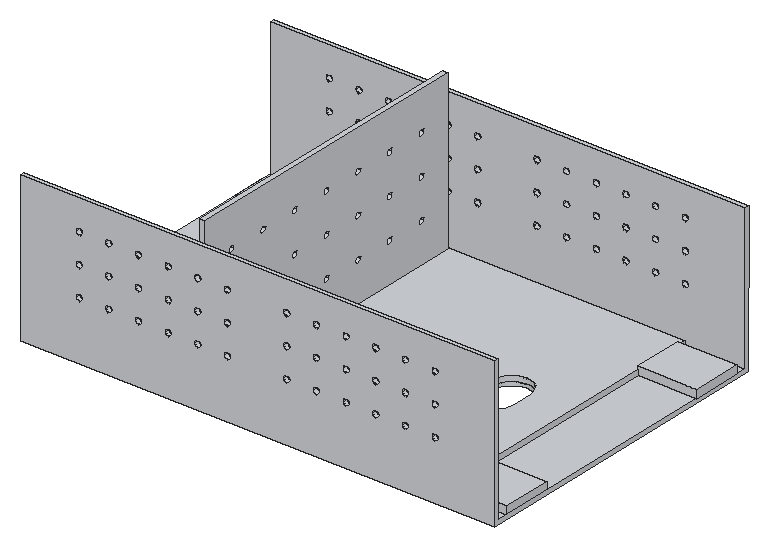
Revit family "SWS LT Double AnchorL(Recovery)", category Structural Connections, Revit 2026
Family settings
  Material for Model Behavior = Other
  Work Plane-Based = No
  Enable Cutting in Views = No
  Always vertical = No
  Cut with Voids When Loaded = No
  Shared = No
Parameters (values of type "SWS 800 LT (Double Anchor)")
  Version = "2.0"
  URL = "http://www.steelnetwork.com/product.aspx/StiffWall"
  Manufacturer = "The Steel Network, Inc."
  Is_800 = yes
  Is_600 = no
  Is_550 = no
  Is_400 = no
  Is_362 = no
  Is_350 = no
Types (7): name | Is_800 | Is_600 | Is_550 | Is_400 | Is_362 | Is_350
  (no name) | yes | no | no | no | no | no
  SWS 350 LT (Double Anchor) | no | no | no | no | no | yes
  SWS 362 LT (Double Anchor) | no | no | no | no | yes | no
  SWS 400 LT (Double Anchor) | no | no | no | yes | no | no
  SWS 550 LT (Double Anchor) | no | no | yes | no | no | no
  SWS 600 LT (Double Anchor) | no | yes | no | no | no | no
  SWS 800 LT (Double Anchor) | yes | no | no | no | no | no
Reference planes (in)
  plane 1 "Center (Front/Back)": y = 0
  plane 2: z = 0
  plane 3 "Center (Left/Right)": x = 0
Nested families (in)
  nested 1: "SWS 362 LT" at (3.00005, 0, 0.2257), visible <- "Is_362", type "SWS 362 LT"
  nested 2: "SWS 400 LT" at (3.00005, 0, 0.2257), visible <- "Is_400", type "SWS 400 LT"
  nested 3: "SWS 550 LT" at (3.00005, 0, 0.2257), visible <- "Is_550", type "SWS 550 LT"
  nested 4: "SWS 600 LT" at (3.00005, 0, 0.2257), visible <- "Is_600", type "SWS 600 LT"
  nested 5: "SWS 800 LT" at (3.00005, 0, 0.2257), visible <- "Is_800", type "SWS 800 LT"
  nested 6: "SWS 350 LT" at (3.00005, 0, 0.2257), visible <- "Is_350", type "SWS 350 LT"
Definition of nested family "SWS 362 LT"
  Parameters
    Default Elevation = 48.0000"
  Reference planes (in)
    plane 1 "Center (Front/Back)": y = 0
    plane 2: z = 0
    plane 3 "Center (Left/Right)": x = 0
    plane 4: y = 1.4536
    plane 5: y = 0.1893
    plane 6: y = -1.4536
  Forms (in)
    Extrusion 1, solid
      sketch origin (-3.00005, 0, 0) x (1, 0, 0) y (0, 0, 1)
        loop
          line (0, 4) -> (-0.124, 4) -> (-0.124, 0.11777) -> (-3, 0.11777) -> (-3, 0) -> (0, 0) -> (0, 4)
      from -1.6475 to 1.6475
    Extrusion 2, solid
      sketch origin (0, 0, 0) x (1, 0, 0) y (0, 0, 1)
        loop
          line (2.96875, 0) -> (-6.03125, 0) -> (-6.03125, -0.124) -> (2.96875, -0.124) -> (2.96875, 0)
      from -1.6845 to 1.6845
    Extrusion 3, solid
      sketch origin (0, 0, 0) x (0, 1, 0) y (0, 0, 1)
        loop
          line (1.8177, 3.5243) -> (1.716, 3.5243) -> (1.716, -0.124) -> (-1.716, -0.124) -> (-1.716, 3.5243) -> (-1.8177, 3.5243) -> (-1.8177, -0.2257) -> (1.8177, -0.2257) -> (1.8177, 3.5243)
      from -7.53125 to 4.46875
    Extrusion 4, void
      sketch origin (0, 0, 0) x (1, 0, 0) y (0, 0, 1)
        loop
          circle (-6.03125, 2.7743) r 0.082
        loop
          circle (-6.03125, 2.0243) r 0.082
        loop
          circle (-6.03125, 1.2743) r 0.082
        loop
          circle (-5.28125, 2.7743) r 0.082
        loop
          circle (-5.28125, 2.0243) r 0.082
        loop
          circle (-5.28125, 1.2743) r 0.082
        loop
          circle (-4.53125, 2.7743) r 0.082
        loop
          circle (-4.53125, 2.0243) r 0.082
        loop
          circle (-4.53125, 1.2743) r 0.082
        loop
          circle (-3.78125, 2.7743) r 0.082
        loop
          circle (-3.78125, 2.0243) r 0.082
        loop
          circle (-3.78125, 1.2743) r 0.082
        loop
          circle (-3.03125, 2.7743) r 0.082
        loop
          circle (-3.03125, 2.0243) r 0.082
        loop
          circle (-3.03125, 1.2743) r 0.082
        loop
          circle (-2.28125, 2.7743) r 0.082
        loop
          circle (-2.28125, 2.0243) r 0.082
        loop
          circle (-2.28125, 1.2743) r 0.082
        loop
          circle (-0.78125, 2.7743) r 0.082
        loop
          circle (-0.78125, 2.0243) r 0.082
        loop
          circle (-0.78125, 1.2743) r 0.082
        loop
          circle (-0.03125, 2.7743) r 0.082
        loop
          circle (-0.03125, 2.0243) r 0.082
        loop
          circle (-0.03125, 1.2743) r 0.082
        loop
          circle (0.71875, 2.7743) r 0.082
        loop
          circle (0.71875, 2.0243) r 0.082
        loop
          circle (0.71875, 1.2743) r 0.082
        loop
          circle (1.46875, 2.7743) r 0.082
        loop
          circle (1.46875, 2.0243) r 0.082
        loop
          circle (1.46875, 1.2743) r 0.082
        loop
          circle (2.21875, 2.7743) r 0.082
        loop
          circle (2.21875, 2.0243) r 0.082
        loop
          circle (2.21875, 1.2743) r 0.082
        loop
          circle (2.96875, 2.7743) r 0.082
        loop
          circle (2.96875, 2.0243) r 0.082
        loop
          circle (2.96875, 1.2743) r 0.082
      from 1.716 to 1.8177
    Extrusion 5, void
      sketch origin (0, 0, 0) x (1, 0, 0) y (0, 0, 1)
        loop
          circle (-6.03125, 2.7743) r 0.082
        loop
          circle (-6.03125, 2.0243) r 0.082
        loop
          circle (-6.03125, 1.2743) r 0.082
        loop
          circle (-5.28125, 2.7743) r 0.082
        loop
          circle (-5.28125, 2.0243) r 0.082
        loop
          circle (-5.28125, 1.2743) r 0.082
        loop
          circle (-4.53125, 2.7743) r 0.082
        loop
          circle (-4.53125, 2.0243) r 0.082
        loop
          circle (-4.53125, 1.2743) r 0.082
        loop
          circle (-3.78125, 2.7743) r 0.082
        loop
          circle (-3.78125, 2.0243) r 0.082
        loop
          circle (-3.78125, 1.2743) r 0.082
        loop
          circle (-3.03125, 2.7743) r 0.082
        loop
          circle (-3.03125, 2.0243) r 0.082
        loop
          circle (-3.03125, 1.2743) r 0.082
        loop
          circle (-2.28125, 2.7743) r 0.082
        loop
          circle (-2.28125, 2.0243) r 0.082
        loop
          circle (-2.28125, 1.2743) r 0.082
        loop
          circle (-0.78125, 2.7743) r 0.082
        loop
          circle (-0.78125, 2.0243) r 0.082
        loop
          circle (-0.78125, 1.2743) r 0.082
        loop
          circle (-0.03125, 2.7743) r 0.082
        loop
          circle (-0.03125, 2.0243) r 0.082
        loop
          circle (-0.03125, 1.2743) r 0.082
        loop
          circle (0.71875, 2.7743) r 0.082
        loop
          circle (0.71875, 2.0243) r 0.082
        loop
          circle (0.71875, 1.2743) r 0.082
        loop
          circle (1.46875, 2.7743) r 0.082
        loop
          circle (1.46875, 2.0243) r 0.082
        loop
          circle (1.46875, 1.2743) r 0.082
        loop
          circle (2.21875, 2.7743) r 0.082
        loop
          circle (2.21875, 2.0243) r 0.082
        loop
          circle (2.21875, 1.2743) r 0.082
        loop
          circle (2.96875, 2.7743) r 0.082
        loop
          circle (2.96875, 2.0243) r 0.082
        loop
          circle (2.96875, 1.2743) r 0.082
      from -1.8177 to -1.716
    Extrusion 6, void
      sketch origin (0, 0, 0) x (0, 1, 0) y (0, 0, 1)
        loop
          circle (-1.0685, 3) r 0.086
        loop
          circle (-1.0685, 2) r 0.086
        loop
          circle (-1.0685, 1) r 0.086
        loop
          circle (-0.0685, 3) r 0.086
        loop
          circle (-0.0685, 2) r 0.086
        loop
          circle (-0.0685, 1) r 0.086
        loop
          circle (0.9315, 3) r 0.086
        loop
          circle (0.9315, 2) r 0.086
        loop
          circle (0.9315, 1) r 0.086
      from -3.12405 to -3.00005
    Extrusion 7, solid
      sketch origin (10.5, 0, 0) x (1, 0, 0) y (0, 1, 0)
        loop
          line (-7.53125, 1.4536) -> (-7.53125, 0.1893) -> (-6.03125, 0.1893) -> (-6.03125, 1.4536) -> (-7.53125, 1.4536)
      from -0.124 to 0.0831
    Extrusion 8, void
      sketch origin (0, 0, 0) x (1, 0, 0) y (0, 1, 0)
        loop
          line (-5, 0.28125) -> (-5, -0.28125)
          arc (-5, -0.28125) -> (-4.53125, -0.75) -> (-4.0625, -0.28125) r 0.46875
          line (-4.0625, -0.28125) -> (-4.0625, 0.28125)
          arc (-4.0625, 0.28125) -> (-4.53125, 0.75) -> (-5, 0.28125) r 0.46875
        loop
          line (1, 0.28125) -> (1, -0.28125)
          arc (1, -0.28125) -> (1.46875, -0.75) -> (1.9375, -0.28125) r 0.46875
          line (1.9375, -0.28125) -> (1.9375, 0.28125)
          arc (1.9375, 0.28125) -> (1.46875, 0.75) -> (1, 0.28125) r 0.46875
      from -0.2257 to 0.11777
    Extrusion 9, void
      sketch origin (-3, 0, 0) x (1, 0, 0) y (0, 1, 0)
        loop
          line (1, 0.28125) -> (1, -0.28125)
          arc (1, -0.28125) -> (1.46875, -0.75) -> (1.9375, -0.28125) r 0.46875
          line (1.9375, -0.28125) -> (1.9375, 0.28125)
          arc (1.9375, 0.28125) -> (1.46875, 0.75) -> (1, 0.28125) r 0.46875
      from -0.2257 to 0
    Extrusion 10, solid
      sketch origin (10.5, -1.6429, 0) x (1, 0, 0) y (0, 1, 0)
        loop
          line (-7.53125, 1.4536) -> (-7.53125, 0.1893) -> (-6.03125, 0.1893) -> (-6.03125, 1.4536) -> (-7.53125, 1.4536)
      from -0.124 to 0.0831
    Extrusion 11, solid
      sketch origin (0, 0, 0) x (1, 0, 0) y (0, 1, 0)
        loop
          line (-7.53125, 1.4536) -> (-7.53125, 0.1893) -> (-6.03125, 0.1893) -> (-6.03125, 1.4536) -> (-7.53125, 1.4536)
      from -0.124 to 0.0831
    Extrusion 12, solid
      sketch origin (0, -1.6429, 0) x (1, 0, 0) y (0, 1, 0)
        loop
          line (-7.53125, 1.4536) -> (-7.53125, 0.1893) -> (-6.03125, 0.1893) -> (-6.03125, 1.4536) -> (-7.53125, 1.4536)
      from -0.124 to 0.0831
  Cuts and joins
    Extrusion 4, Extrusion 5, Extrusion 6, Extrusion 8, Extrusion 9 cuts Extrusion 1
    Extrusion 4, Extrusion 5, Extrusion 6, Extrusion 8, Extrusion 9 cuts Extrusion 3
    Extrusion 8, Extrusion 9 cuts Extrusion 2
Definition of nested family "SWS 400 LT"
  Parameters
    Default Elevation = 48.0000"
  Reference planes (in)
    plane 1 "Center (Front/Back)": y = 0
    plane 2: z = 0
    plane 3 "Center (Left/Right)": x = 0
    plane 4: y = -1.9035
  Forms (in)
    Extrusion 1, solid
      sketch origin (-3.00005, 0, 0) x (1, 0, 0) y (0, 0, 1)
        loop
          line (0, 4) -> (-0.124, 4) -> (-0.124, 0.11777) -> (-3, 0.11777) -> (-3, 0) -> (0, 0) -> (0, 4)
      from -1.835 to 1.835
    Extrusion 2, solid
      sketch origin (0, 0, 0) x (1, 0, 0) y (0, 0, 1)
        loop
          line (2.96875, 0) -> (-6.03125, 0) -> (-6.03125, -0.124) -> (2.96875, -0.124) -> (2.96875, 0)
      from -1.872 to 1.872
    Extrusion 3, solid
      sketch origin (0, 0, 0) x (0, 1, 0) y (0, 0, 1)
        loop
          line (2.0052, 3.5243) -> (1.9035, 3.5243) -> (1.9035, -0.124) -> (-1.9035, -0.124) -> (-1.9035, 3.5243) -> (-2.0052, 3.5243) -> (-2.0052, -0.2257) -> (2.0052, -0.2257) -> (2.0052, 3.5243)
      from -7.53125 to 4.46875
    Extrusion 4, void
      sketch origin (0, 0, 0) x (1, 0, 0) y (0, 0, 1)
        loop
          circle (-6.03125, 2.7743) r 0.082
        loop
          circle (-6.03125, 2.0243) r 0.082
        loop
          circle (-6.03125, 1.2743) r 0.082
        loop
          circle (-5.28125, 2.7743) r 0.082
        loop
          circle (-5.28125, 2.0243) r 0.082
        loop
          circle (-5.28125, 1.2743) r 0.082
        loop
          circle (-4.53125, 2.7743) r 0.082
        loop
          circle (-4.53125, 2.0243) r 0.082
        loop
          circle (-4.53125, 1.2743) r 0.082
        loop
          circle (-3.78125, 2.7743) r 0.082
        loop
          circle (-3.78125, 2.0243) r 0.082
        loop
          circle (-3.78125, 1.2743) r 0.082
        loop
          circle (-3.03125, 2.7743) r 0.082
        loop
          circle (-3.03125, 2.0243) r 0.082
        loop
          circle (-3.03125, 1.2743) r 0.082
        loop
          circle (-2.28125, 2.7743) r 0.082
        loop
          circle (-2.28125, 2.0243) r 0.082
        loop
          circle (-2.28125, 1.2743) r 0.082
        loop
          circle (-0.78125, 2.7743) r 0.082
        loop
          circle (-0.78125, 2.0243) r 0.082
        loop
          circle (-0.78125, 1.2743) r 0.082
        loop
          circle (-0.03125, 2.7743) r 0.082
        loop
          circle (-0.03125, 2.0243) r 0.082
        loop
          circle (-0.03125, 1.2743) r 0.082
        loop
          circle (0.71875, 2.7743) r 0.082
        loop
          circle (0.71875, 2.0243) r 0.082
        loop
          circle (0.71875, 1.2743) r 0.082
        loop
          circle (1.46875, 2.7743) r 0.082
        loop
          circle (1.46875, 2.0243) r 0.082
        loop
          circle (1.46875, 1.2743) r 0.082
        loop
          circle (2.21875, 2.7743) r 0.082
        loop
          circle (2.21875, 2.0243) r 0.082
        loop
          circle (2.21875, 1.2743) r 0.082
        loop
          circle (2.96875, 2.7743) r 0.082
        loop
          circle (2.96875, 2.0243) r 0.082
        loop
          circle (2.96875, 1.2743) r 0.082
      from 1.9035 to 2.0052
    Extrusion 5, void
      sketch origin (0, 0, 0) x (1, 0, 0) y (0, 0, 1)
        loop
          circle (-6.03125, 2.7743) r 0.082
        loop
          circle (-6.03125, 2.0243) r 0.082
        loop
          circle (-6.03125, 1.2743) r 0.082
        loop
          circle (-5.28125, 2.7743) r 0.082
        loop
          circle (-5.28125, 2.0243) r 0.082
        loop
          circle (-5.28125, 1.2743) r 0.082
        loop
          circle (-4.53125, 2.7743) r 0.082
        loop
          circle (-4.53125, 2.0243) r 0.082
        loop
          circle (-4.53125, 1.2743) r 0.082
        loop
          circle (-3.78125, 2.7743) r 0.082
        loop
          circle (-3.78125, 2.0243) r 0.082
        loop
          circle (-3.78125, 1.2743) r 0.082
        loop
          circle (-3.03125, 2.7743) r 0.082
        loop
          circle (-3.03125, 2.0243) r 0.082
        loop
          circle (-3.03125, 1.2743) r 0.082
        loop
          circle (-2.28125, 2.7743) r 0.082
        loop
          circle (-2.28125, 2.0243) r 0.082
        loop
          circle (-2.28125, 1.2743) r 0.082
        loop
          circle (-0.78125, 2.7743) r 0.082
        loop
          circle (-0.78125, 2.0243) r 0.082
        loop
          circle (-0.78125, 1.2743) r 0.082
        loop
          circle (-0.03125, 2.7743) r 0.082
        loop
          circle (-0.03125, 2.0243) r 0.082
        loop
          circle (-0.03125, 1.2743) r 0.082
        loop
          circle (0.71875, 2.7743) r 0.082
        loop
          circle (0.71875, 2.0243) r 0.082
        loop
          circle (0.71875, 1.2743) r 0.082
        loop
          circle (1.46875, 2.7743) r 0.082
        loop
          circle (1.46875, 2.0243) r 0.082
        loop
          circle (1.46875, 1.2743) r 0.082
        loop
          circle (2.21875, 2.7743) r 0.082
        loop
          circle (2.21875, 2.0243) r 0.082
        loop
          circle (2.21875, 1.2743) r 0.082
        loop
          circle (2.96875, 2.7743) r 0.082
        loop
          circle (2.96875, 2.0243) r 0.082
        loop
          circle (2.96875, 1.2743) r 0.082
      from -2.0052 to -1.9035
    Extrusion 6, void
      sketch origin (0, 0, 0) x (0, 1, 0) y (0, 0, 1)
        loop
          circle (-1, 3) r 0.086
        loop
          circle (-1, 2) r 0.086
        loop
          circle (-1, 1) r 0.086
        loop
          circle (0, 3) r 0.086
        loop
          circle (0, 2) r 0.086
        loop
          circle (0, 1) r 0.086
        loop
          circle (1, 3) r 0.086
        loop
          circle (1, 2) r 0.086
        loop
          circle (1, 1) r 0.086
      from -3.12405 to -3.00005
    Extrusion 7, solid
      sketch origin (10.5, 0, 0) x (1, 0, 0) y (0, 1, 0)
        loop
          line (-7.53125, 1.6411) -> (-7.53125, 0.3768) -> (-6.03125, 0.3768) -> (-6.03125, 1.6411) -> (-7.53125, 1.6411)
      from -0.124 to 0.0831
    Extrusion 8, void
      sketch origin (0, 0, 0) x (1, 0, 0) y (0, 1, 0)
        loop
          line (-5, 0.28125) -> (-5, -0.28125)
          arc (-5, -0.28125) -> (-4.53125, -0.75) -> (-4.0625, -0.28125) r 0.46875
          line (-4.0625, -0.28125) -> (-4.0625, 0.28125)
          arc (-4.0625, 0.28125) -> (-4.53125, 0.75) -> (-5, 0.28125) r 0.46875
        loop
          line (1, 0.28125) -> (1, -0.28125)
          arc (1, -0.28125) -> (1.46875, -0.75) -> (1.9375, -0.28125) r 0.46875
          line (1.9375, -0.28125) -> (1.9375, 0.28125)
          arc (1.9375, 0.28125) -> (1.46875, 0.75) -> (1, 0.28125) r 0.46875
      from -0.2257 to 0.11777
    Extrusion 9, void
      sketch origin (-3, 0, 0) x (1, 0, 0) y (0, 1, 0)
        loop
          line (1, 0.28125) -> (1, -0.28125)
          arc (1, -0.28125) -> (1.46875, -0.75) -> (1.9375, -0.28125) r 0.46875
          line (1.9375, -0.28125) -> (1.9375, 0.28125)
          arc (1.9375, 0.28125) -> (1.46875, 0.75) -> (1, 0.28125) r 0.46875
      from -0.2257 to 0
    Extrusion 10, solid
      sketch origin (10.5, -2.0179, 0) x (1, 0, 0) y (0, 1, 0)
        loop
          line (-7.53125, 1.6411) -> (-7.53125, 0.3768) -> (-6.03125, 0.3768) -> (-6.03125, 1.6411) -> (-7.53125, 1.6411)
      from -0.124 to 0.0831
    Extrusion 11, solid
      sketch origin (0, 0, 0) x (1, 0, 0) y (0, 1, 0)
        loop
          line (-7.53125, 1.6411) -> (-7.53125, 0.3768) -> (-6.03125, 0.3768) -> (-6.03125, 1.6411) -> (-7.53125, 1.6411)
      from -0.124 to 0.0831
    Extrusion 12, solid
      sketch origin (0, -2.0179, 0) x (1, 0, 0) y (0, 1, 0)
        loop
          line (-7.53125, 1.6411) -> (-7.53125, 0.3768) -> (-6.03125, 0.3768) -> (-6.03125, 1.6411) -> (-7.53125, 1.6411)
      from -0.124 to 0.0831
  Cuts and joins
    Extrusion 4, Extrusion 5, Extrusion 6, Extrusion 8, Extrusion 9 cuts Extrusion 1
    Extrusion 4, Extrusion 5, Extrusion 6, Extrusion 8, Extrusion 9 cuts Extrusion 3
    Extrusion 8, Extrusion 9 cuts Extrusion 2
Definition of nested family "SWS 550 LT"
  Parameters
    Default Elevation = 48.0000"
  Reference planes (in)
    plane 1 "Center (Front/Back)": y = 0
    plane 2: z = 0
    plane 3 "Center (Left/Right)": x = 0
    plane 4: y = -2.6535
    plane 5: y = 2.3911
    plane 6: y = 1.1268
    plane 7: y = -2.3911
  Forms (in)
    Extrusion 1, solid
      sketch origin (-3.00005, 0, 0) x (1, 0, 0) y (0, 0, 1)
        loop
          line (0, 4) -> (-0.124, 4) -> (-0.124, 0.11777) -> (-3, 0.11777) -> (-3, 0) -> (0, 0) -> (0, 4)
      from -2.585 to 2.585
    Extrusion 2, solid
      sketch origin (0, 0, 0) x (1, 0, 0) y (0, 0, 1)
        loop
          line (2.96875, 0) -> (-6.03125, 0) -> (-6.03125, -0.124) -> (2.96875, -0.124) -> (2.96875, 0)
      from -2.622 to 2.622
    Extrusion 3, solid
      sketch origin (0, 0, 0) x (0, 1, 0) y (0, 0, 1)
        loop
          line (2.7552, 3.5243) -> (2.6535, 3.5243) -> (2.6535, -0.124) -> (-2.6535, -0.124) -> (-2.6535, 3.5243) -> (-2.7552, 3.5243) -> (-2.7552, -0.2257) -> (2.7552, -0.2257) -> (2.7552, 3.5243)
      from -7.53125 to 4.46875
    Extrusion 4, void
      sketch origin (0, 0, 0) x (1, 0, 0) y (0, 0, 1)
        loop
          circle (-6.03125, 2.7743) r 0.082
        loop
          circle (-6.03125, 2.0243) r 0.082
        loop
          circle (-6.03125, 1.2743) r 0.082
        loop
          circle (-5.28125, 2.7743) r 0.082
        loop
          circle (-5.28125, 2.0243) r 0.082
        loop
          circle (-5.28125, 1.2743) r 0.082
        loop
          circle (-4.53125, 2.7743) r 0.082
        loop
          circle (-4.53125, 2.0243) r 0.082
        loop
          circle (-4.53125, 1.2743) r 0.082
        loop
          circle (-3.78125, 2.7743) r 0.082
        loop
          circle (-3.78125, 2.0243) r 0.082
        loop
          circle (-3.78125, 1.2743) r 0.082
        loop
          circle (-3.03125, 2.7743) r 0.082
        loop
          circle (-3.03125, 2.0243) r 0.082
        loop
          circle (-3.03125, 1.2743) r 0.082
        loop
          circle (-2.28125, 2.7743) r 0.082
        loop
          circle (-2.28125, 2.0243) r 0.082
        loop
          circle (-2.28125, 1.2743) r 0.082
        loop
          circle (-0.78125, 2.7743) r 0.082
        loop
          circle (-0.78125, 2.0243) r 0.082
        loop
          circle (-0.78125, 1.2743) r 0.082
        loop
          circle (-0.03125, 2.7743) r 0.082
        loop
          circle (-0.03125, 2.0243) r 0.082
        loop
          circle (-0.03125, 1.2743) r 0.082
        loop
          circle (0.71875, 2.7743) r 0.082
        loop
          circle (0.71875, 2.0243) r 0.082
        loop
          circle (0.71875, 1.2743) r 0.082
        loop
          circle (1.46875, 2.7743) r 0.082
        loop
          circle (1.46875, 2.0243) r 0.082
        loop
          circle (1.46875, 1.2743) r 0.082
        loop
          circle (2.21875, 2.7743) r 0.082
        loop
          circle (2.21875, 2.0243) r 0.082
        loop
          circle (2.21875, 1.2743) r 0.082
        loop
          circle (2.96875, 2.7743) r 0.082
        loop
          circle (2.96875, 2.0243) r 0.082
        loop
          circle (2.96875, 1.2743) r 0.082
      from 2.6535 to 2.7552
    Extrusion 5, void
      sketch origin (0, 0, 0) x (1, 0, 0) y (0, 0, 1)
        loop
          circle (-6.03125, 2.7743) r 0.082
        loop
          circle (-6.03125, 2.0243) r 0.082
        loop
          circle (-6.03125, 1.2743) r 0.082
        loop
          circle (-5.28125, 2.7743) r 0.082
        loop
          circle (-5.28125, 2.0243) r 0.082
        loop
          circle (-5.28125, 1.2743) r 0.082
        loop
          circle (-4.53125, 2.7743) r 0.082
        loop
          circle (-4.53125, 2.0243) r 0.082
        loop
          circle (-4.53125, 1.2743) r 0.082
        loop
          circle (-3.78125, 2.7743) r 0.082
        loop
          circle (-3.78125, 2.0243) r 0.082
        loop
          circle (-3.78125, 1.2743) r 0.082
        loop
          circle (-3.03125, 2.7743) r 0.082
        loop
          circle (-3.03125, 2.0243) r 0.082
        loop
          circle (-3.03125, 1.2743) r 0.082
        loop
          circle (-2.28125, 2.7743) r 0.082
        loop
          circle (-2.28125, 2.0243) r 0.082
        loop
          circle (-2.28125, 1.2743) r 0.082
        loop
          circle (-0.78125, 2.7743) r 0.082
        loop
          circle (-0.78125, 2.0243) r 0.082
        loop
          circle (-0.78125, 1.2743) r 0.082
        loop
          circle (-0.03125, 2.7743) r 0.082
        loop
          circle (-0.03125, 2.0243) r 0.082
        loop
          circle (-0.03125, 1.2743) r 0.082
        loop
          circle (0.71875, 2.7743) r 0.082
        loop
          circle (0.71875, 2.0243) r 0.082
        loop
          circle (0.71875, 1.2743) r 0.082
        loop
          circle (1.46875, 2.7743) r 0.082
        loop
          circle (1.46875, 2.0243) r 0.082
        loop
          circle (1.46875, 1.2743) r 0.082
        loop
          circle (2.21875, 2.7743) r 0.082
        loop
          circle (2.21875, 2.0243) r 0.082
        loop
          circle (2.21875, 1.2743) r 0.082
        loop
          circle (2.96875, 2.7743) r 0.082
        loop
          circle (2.96875, 2.0243) r 0.082
        loop
          circle (2.96875, 1.2743) r 0.082
      from -2.7552 to -2.6535
    Extrusion 6, void
      sketch origin (0, 0, 0) x (0, 1, 0) y (0, 0, 1)
        loop
          circle (-2, 3) r 0.086
        loop
          circle (-2, 2) r 0.086
        loop
          circle (-1.99699, 1) r 0.086
        loop
          circle (-1, 3) r 0.086
        loop
          circle (-1, 2) r 0.086
        loop
          circle (-1, 1) r 0.086
        loop
          circle (1, 3) r 0.086
        loop
          circle (1, 2) r 0.086
        loop
          circle (1, 1) r 0.086
        loop
          circle (0, 3) r 0.086
        loop
          circle (0, 2) r 0.086
        loop
          circle (0, 1) r 0.086
        loop
          circle (2, 3) r 0.086
        loop
          circle (2, 2) r 0.086
        loop
          circle (2, 1) r 0.086
      from -3.12405 to -3.00005
    Extrusion 7, solid
      sketch origin (10.5, 0, 0) x (1, 0, 0) y (0, 1, 0)
        loop
          line (-7.53125, 2.3911) -> (-7.53125, 1.1268) -> (-6.03125, 1.1268) -> (-6.03125, 2.3911) -> (-7.53125, 2.3911)
      from -0.124 to 0.0831
    Extrusion 8, void
      sketch origin (0, 0, 0) x (1, 0, 0) y (0, 1, 0)
        loop
          line (-5, 0.28125) -> (-5, -0.28125)
          arc (-5, -0.28125) -> (-4.53125, -0.75) -> (-4.0625, -0.28125) r 0.46875
          line (-4.0625, -0.28125) -> (-4.0625, 0.28125)
          arc (-4.0625, 0.28125) -> (-4.53125, 0.75) -> (-5, 0.28125) r 0.46875
        loop
          line (1, 0.28125) -> (1, -0.28125)
          arc (1, -0.28125) -> (1.46875, -0.75) -> (1.9375, -0.28125) r 0.46875
          line (1.9375, -0.28125) -> (1.9375, 0.28125)
          arc (1.9375, 0.28125) -> (1.46875, 0.75) -> (1, 0.28125) r 0.46875
      from -0.2257 to 0.11777
    Extrusion 9, void
      sketch origin (-3, 0, 0) x (1, 0, 0) y (0, 1, 0)
        loop
          line (1, 0.28125) -> (1, -0.28125)
          arc (1, -0.28125) -> (1.46875, -0.75) -> (1.9375, -0.28125) r 0.46875
          line (1.9375, -0.28125) -> (1.9375, 0.28125)
          arc (1.9375, 0.28125) -> (1.46875, 0.75) -> (1, 0.28125) r 0.46875
      from -0.2257 to 0
    Extrusion 10, solid
      sketch origin (10.5, -3.5179, 0) x (1, 0, 0) y (0, 1, 0)
        loop
          line (-7.53125, 2.3911) -> (-7.53125, 1.1268) -> (-6.03125, 1.1268) -> (-6.03125, 2.3911) -> (-7.53125, 2.3911)
      from -0.124 to 0.0831
    Extrusion 11, solid
      sketch origin (0, 0, 0) x (1, 0, 0) y (0, 1, 0)
        loop
          line (-7.53125, 2.3911) -> (-7.53125, 1.1268) -> (-6.03125, 1.1268) -> (-6.03125, 2.3911) -> (-7.53125, 2.3911)
      from -0.124 to 0.0831
    Extrusion 12, solid
      sketch origin (0, -3.5179, 0) x (1, 0, 0) y (0, 1, 0)
        loop
          line (-7.53125, 2.3911) -> (-7.53125, 1.1268) -> (-6.03125, 1.1268) -> (-6.03125, 2.3911) -> (-7.53125, 2.3911)
      from -0.124 to 0.0831
  Cuts and joins
    Extrusion 4, Extrusion 5, Extrusion 6, Extrusion 8, Extrusion 9 cuts Extrusion 1
    Extrusion 4, Extrusion 5, Extrusion 6, Extrusion 8, Extrusion 9 cuts Extrusion 3
    Extrusion 8, Extrusion 9 cuts Extrusion 2
Definition of nested family "SWS 600 LT"
  Parameters
    Default Elevation = 48.0000"
  Reference planes (in)
    plane 1 "Center (Front/Back)": y = 0
    plane 2: z = 0
    plane 3 "Center (Left/Right)": x = 0
    plane 4: y = 2.6411
    plane 5: y = 1.3768
    plane 6: y = -2.6411
  Forms (in)
    Extrusion 1, solid
      sketch origin (-3.00005, 0, 0) x (1, 0, 0) y (0, 0, 1)
        loop
          line (0, 4) -> (-0.124, 4) -> (-0.124, 0.11777) -> (-3, 0.11777) -> (-3, 0) -> (0, 0) -> (0, 4)
      from -2.835 to 2.835
    Extrusion 2, solid
      sketch origin (0, 0, 0) x (1, 0, 0) y (0, 0, 1)
        loop
          line (2.96875, 0) -> (-6.03125, 0) -> (-6.03125, -0.124) -> (2.96875, -0.124) -> (2.96875, 0)
      from -2.872 to 2.872
    Extrusion 3, solid
      sketch origin (0, 0, 0) x (0, 1, 0) y (0, 0, 1)
        loop
          line (3.0052, 3.5243) -> (2.9035, 3.5243) -> (2.9035, -0.124) -> (-2.9035, -0.124) -> (-2.9035, 3.5243) -> (-3.0052, 3.5243) -> (-3.0052, -0.2257) -> (3.0052, -0.2257) -> (3.0052, 3.5243)
      from -7.53125 to 4.46875
    Extrusion 4, void
      sketch origin (0, 0, 0) x (1, 0, 0) y (0, 0, 1)
        loop
          circle (-6.03125, 2.7743) r 0.082
        loop
          circle (-6.03125, 2.0243) r 0.082
        loop
          circle (-6.03125, 1.2743) r 0.082
        loop
          circle (-5.28125, 2.7743) r 0.082
        loop
          circle (-5.28125, 2.0243) r 0.082
        loop
          circle (-5.28125, 1.2743) r 0.082
        loop
          circle (-4.53125, 2.7743) r 0.082
        loop
          circle (-4.53125, 2.0243) r 0.082
        loop
          circle (-4.53125, 1.2743) r 0.082
        loop
          circle (-3.78125, 2.7743) r 0.082
        loop
          circle (-3.78125, 2.0243) r 0.082
        loop
          circle (-3.78125, 1.2743) r 0.082
        loop
          circle (-3.03125, 2.7743) r 0.082
        loop
          circle (-3.03125, 2.0243) r 0.082
        loop
          circle (-3.03125, 1.2743) r 0.082
        loop
          circle (-2.28125, 2.7743) r 0.082
        loop
          circle (-2.28125, 2.0243) r 0.082
        loop
          circle (-2.28125, 1.2743) r 0.082
        loop
          circle (-0.78125, 2.7743) r 0.082
        loop
          circle (-0.78125, 2.0243) r 0.082
        loop
          circle (-0.78125, 1.2743) r 0.082
        loop
          circle (-0.03125, 2.7743) r 0.082
        loop
          circle (-0.03125, 2.0243) r 0.082
        loop
          circle (-0.03125, 1.2743) r 0.082
        loop
          circle (0.71875, 2.7743) r 0.082
        loop
          circle (0.71875, 2.0243) r 0.082
        loop
          circle (0.71875, 1.2743) r 0.082
        loop
          circle (1.46875, 2.7743) r 0.082
        loop
          circle (1.46875, 2.0243) r 0.082
        loop
          circle (1.46875, 1.2743) r 0.082
        loop
          circle (2.21875, 2.7743) r 0.082
        loop
          circle (2.21875, 2.0243) r 0.082
        loop
          circle (2.21875, 1.2743) r 0.082
        loop
          circle (2.96875, 2.7743) r 0.082
        loop
          circle (2.96875, 2.0243) r 0.082
        loop
          circle (2.96875, 1.2743) r 0.082
      from 2.9035 to 3.0052
    Extrusion 5, void
      sketch origin (0, 0, 0) x (1, 0, 0) y (0, 0, 1)
        loop
          circle (-6.03125, 2.7743) r 0.082
        loop
          circle (-6.03125, 2.0243) r 0.082
        loop
          circle (-6.03125, 1.2743) r 0.082
        loop
          circle (-5.28125, 2.7743) r 0.082
        loop
          circle (-5.28125, 2.0243) r 0.082
        loop
          circle (-5.28125, 1.2743) r 0.082
        loop
          circle (-4.53125, 2.7743) r 0.082
        loop
          circle (-4.53125, 2.0243) r 0.082
        loop
          circle (-4.53125, 1.2743) r 0.082
        loop
          circle (-3.78125, 2.7743) r 0.082
        loop
          circle (-3.78125, 2.0243) r 0.082
        loop
          circle (-3.78125, 1.2743) r 0.082
        loop
          circle (-3.03125, 2.7743) r 0.082
        loop
          circle (-3.03125, 2.0243) r 0.082
        loop
          circle (-3.03125, 1.2743) r 0.082
        loop
          circle (-2.28125, 2.7743) r 0.082
        loop
          circle (-2.28125, 2.0243) r 0.082
        loop
          circle (-2.28125, 1.2743) r 0.082
        loop
          circle (-0.78125, 2.7743) r 0.082
        loop
          circle (-0.78125, 2.0243) r 0.082
        loop
          circle (-0.78125, 1.2743) r 0.082
        loop
          circle (-0.03125, 2.7743) r 0.082
        loop
          circle (-0.03125, 2.0243) r 0.082
        loop
          circle (-0.03125, 1.2743) r 0.082
        loop
          circle (0.71875, 2.7743) r 0.082
        loop
          circle (0.71875, 2.0243) r 0.082
        loop
          circle (0.71875, 1.2743) r 0.082
        loop
          circle (1.46875, 2.7743) r 0.082
        loop
          circle (1.46875, 2.0243) r 0.082
        loop
          circle (1.46875, 1.2743) r 0.082
        loop
          circle (2.21875, 2.7743) r 0.082
        loop
          circle (2.21875, 2.0243) r 0.082
        loop
          circle (2.21875, 1.2743) r 0.082
        loop
          circle (2.96875, 2.7743) r 0.082
        loop
          circle (2.96875, 2.0243) r 0.082
        loop
          circle (2.96875, 1.2743) r 0.082
      from -3.0052 to -2.9035
    Extrusion 6, void
      sketch origin (0, 0, 0) x (0, 1, 0) y (0, 0, 1)
        loop
          circle (0, 3) r 0.086
        loop
          circle (0, 2) r 0.086
        loop
          circle (0, 1) r 0.086
        loop
          circle (1, 3) r 0.086
        loop
          circle (1, 2) r 0.086
        loop
          circle (1, 1) r 0.086
        loop
          circle (2, 3) r 0.086
        loop
          circle (2, 2) r 0.086
        loop
          circle (2, 1) r 0.086
        loop
          circle (-2, 3) r 0.086
        loop
          circle (-2, 2) r 0.086
        loop
          circle (-2, 1) r 0.086
        loop
          circle (-1, 3) r 0.086
        loop
          circle (-1, 2) r 0.086
        loop
          circle (-1, 1) r 0.086
      from -3.12405 to -3.00005
    Extrusion 7, solid
      sketch origin (0, 0, 0) x (1, 0, 0) y (0, 1, 0)
        loop
          line (-7.53125, 2.6411) -> (-7.53125, 1.3768) -> (-6.03125, 1.3768) -> (-6.03125, 2.6411) -> (-7.53125, 2.6411)
      from -0.124 to 0.0831
    Extrusion 8, solid
      sketch origin (10.5, 0, 0) x (1, 0, 0) y (0, 1, 0)
        loop
          line (-7.53125, 2.6411) -> (-7.53125, 1.3768) -> (-6.03125, 1.3768) -> (-6.03125, 2.6411) -> (-7.53125, 2.6411)
      from -0.124 to 0.0831
    Extrusion 9, void
      sketch origin (0, 0, 0) x (1, 0, 0) y (0, 1, 0)
        loop
          line (-5, 0.28125) -> (-5, -0.28125)
          arc (-5, -0.28125) -> (-4.53125, -0.75) -> (-4.0625, -0.28125) r 0.46875
          line (-4.0625, -0.28125) -> (-4.0625, 0.28125)
          arc (-4.0625, 0.28125) -> (-4.53125, 0.75) -> (-5, 0.28125) r 0.46875
        loop
          line (1, 0.28125) -> (1, -0.28125)
          arc (1, -0.28125) -> (1.46875, -0.75) -> (1.9375, -0.28125) r 0.46875
          line (1.9375, -0.28125) -> (1.9375, 0.28125)
          arc (1.9375, 0.28125) -> (1.46875, 0.75) -> (1, 0.28125) r 0.46875
      from -0.2257 to 0.11777
    Extrusion 10, void
      sketch origin (-3, 0, 0) x (1, 0, 0) y (0, 1, 0)
        loop
          line (1, 0.28125) -> (1, -0.28125)
          arc (1, -0.28125) -> (1.46875, -0.75) -> (1.9375, -0.28125) r 0.46875
          line (1.9375, -0.28125) -> (1.9375, 0.28125)
          arc (1.9375, 0.28125) -> (1.46875, 0.75) -> (1, 0.28125) r 0.46875
      from -0.2257 to 0
    Extrusion 11, solid
      sketch origin (0, -4.0179, 0) x (1, 0, 0) y (0, 1, 0)
        loop
          line (-7.53125, 2.6411) -> (-7.53125, 1.3768) -> (-6.03125, 1.3768) -> (-6.03125, 2.6411) -> (-7.53125, 2.6411)
      from -0.124 to 0.0831
    Extrusion 12, solid
      sketch origin (10.5, -4.0179, 0) x (1, 0, 0) y (0, 1, 0)
        loop
          line (-7.53125, 2.6411) -> (-7.53125, 1.3768) -> (-6.03125, 1.3768) -> (-6.03125, 2.6411) -> (-7.53125, 2.6411)
      from -0.124 to 0.0831
  Cuts and joins
    Extrusion 4, Extrusion 5, Extrusion 6, Extrusion 9, Extrusion 10 cuts Extrusion 1
    Extrusion 4, Extrusion 5, Extrusion 6, Extrusion 9, Extrusion 10 cuts Extrusion 3
    Extrusion 9, Extrusion 10 cuts Extrusion 2
Definition of nested family "SWS 800 LT"
  Parameters
    Default Elevation = 48.0000"
  Reference planes (in)
    plane 1 "Center (Front/Back)": y = 0
    plane 2: z = 0
    plane 3 "Center (Left/Right)": x = 0
    plane 4: y = 3.6411
    plane 5: y = 2.3768
    plane 6: y = -3.6411
  Forms (in)
    Extrusion 1, solid
      sketch origin (-3.00005, 0, 0) x (1, 0, 0) y (0, 0, 1)
        loop
          line (0, 4) -> (-0.124, 4) -> (-0.124, 0.11777) -> (-3, 0.11777) -> (-3, 0) -> (0, 0) -> (0, 4)
      from -3.83495 to 3.83495
    Extrusion 2, solid
      sketch origin (0, 0, 0) x (1, 0, 0) y (0, 0, 1)
        loop
          line (2.96875, 0) -> (-6.03125, 0) -> (-6.03125, -0.124) -> (2.96875, -0.124) -> (2.96875, 0)
      from -3.872 to 3.872
    Extrusion 3, solid
      sketch origin (0, 0, 0) x (0, 1, 0) y (0, 0, 1)
        loop
          line (4.0052, 3.5243) -> (3.9035, 3.5243) -> (3.9035, -0.124) -> (-3.9035, -0.124) -> (-3.9035, 3.5243) -> (-4.0052, 3.5243) -> (-4.0052, -0.2257) -> (4.0052, -0.2257) -> (4.0052, 3.5243)
      from -7.53125 to 4.46875
    Extrusion 4, void
      sketch origin (0, 0, 0) x (1, 0, 0) y (0, 0, 1)
        loop
          circle (-6.03125, 2.7743) r 0.082
        loop
          circle (-6.03125, 2.0243) r 0.082
        loop
          circle (-6.03125, 1.2743) r 0.082
        loop
          circle (-5.28125, 2.7743) r 0.082
        loop
          circle (-5.28125, 2.0243) r 0.082
        loop
          circle (-5.28125, 1.2743) r 0.082
        loop
          circle (-4.53125, 2.7743) r 0.082
        loop
          circle (-4.53125, 2.0243) r 0.082
        loop
          circle (-4.53125, 1.2743) r 0.082
        loop
          circle (-3.78125, 2.7743) r 0.082
        loop
          circle (-3.78125, 2.0243) r 0.082
        loop
          circle (-3.78125, 1.2743) r 0.082
        loop
          circle (-3.03125, 2.7743) r 0.082
        loop
          circle (-3.03125, 2.0243) r 0.082
        loop
          circle (-3.03125, 1.2743) r 0.082
        loop
          circle (-2.28125, 2.7743) r 0.082
        loop
          circle (-2.28125, 2.0243) r 0.082
        loop
          circle (-2.28125, 1.2743) r 0.082
        loop
          circle (-0.78125, 2.7743) r 0.082
        loop
          circle (-0.78125, 2.0243) r 0.082
        loop
          circle (-0.78125, 1.2743) r 0.082
        loop
          circle (-0.03125, 2.7743) r 0.082
        loop
          circle (-0.03125, 2.0243) r 0.082
        loop
          circle (-0.03125, 1.2743) r 0.082
        loop
          circle (0.71875, 2.7743) r 0.082
        loop
          circle (0.71875, 2.0243) r 0.082
        loop
          circle (0.71875, 1.2743) r 0.082
        loop
          circle (1.46875, 2.7743) r 0.082
        loop
          circle (1.46875, 2.0243) r 0.082
        loop
          circle (1.46875, 1.2743) r 0.082
        loop
          circle (2.21875, 2.7743) r 0.082
        loop
          circle (2.21875, 2.0243) r 0.082
        loop
          circle (2.21875, 1.2743) r 0.082
        loop
          circle (2.96875, 2.7743) r 0.082
        loop
          circle (2.96875, 2.0243) r 0.082
        loop
          circle (2.96875, 1.2743) r 0.082
      from 3.9035 to 4.0052
    Extrusion 5, void
      sketch origin (0, 0, 0) x (1, 0, 0) y (0, 0, 1)
        loop
          circle (-6.03125, 2.7743) r 0.082
        loop
          circle (-6.03125, 2.0243) r 0.082
        loop
          circle (-6.03125, 1.2743) r 0.082
        loop
          circle (-5.28125, 2.7743) r 0.082
        loop
          circle (-5.28125, 2.0243) r 0.082
        loop
          circle (-5.28125, 1.2743) r 0.082
        loop
          circle (-4.53125, 2.7743) r 0.082
        loop
          circle (-4.53125, 2.0243) r 0.082
        loop
          circle (-4.53125, 1.2743) r 0.082
        loop
          circle (-3.78125, 2.7743) r 0.082
        loop
          circle (-3.78125, 2.0243) r 0.082
        loop
          circle (-3.78125, 1.2743) r 0.082
        loop
          circle (-3.03125, 2.7743) r 0.082
        loop
          circle (-3.03125, 2.0243) r 0.082
        loop
          circle (-3.03125, 1.2743) r 0.082
        loop
          circle (-2.28125, 2.7743) r 0.082
        loop
          circle (-2.28125, 2.0243) r 0.082
        loop
          circle (-2.28125, 1.2743) r 0.082
        loop
          circle (-0.78125, 2.7743) r 0.082
        loop
          circle (-0.78125, 2.0243) r 0.082
        loop
          circle (-0.78125, 1.2743) r 0.082
        loop
          circle (-0.03125, 2.7743) r 0.082
        loop
          circle (-0.03125, 2.0243) r 0.082
        loop
          circle (-0.03125, 1.2743) r 0.082
        loop
          circle (0.71875, 2.7743) r 0.082
        loop
          circle (0.71875, 2.0243) r 0.082
        loop
          circle (0.71875, 1.2743) r 0.082
        loop
          circle (1.46875, 2.7743) r 0.082
        loop
          circle (1.46875, 2.0243) r 0.082
        loop
          circle (1.46875, 1.2743) r 0.082
        loop
          circle (2.21875, 2.7743) r 0.082
        loop
          circle (2.21875, 2.0243) r 0.082
        loop
          circle (2.21875, 1.2743) r 0.082
        loop
          circle (2.96875, 2.7743) r 0.082
        loop
          circle (2.96875, 2.0243) r 0.082
        loop
          circle (2.96875, 1.2743) r 0.082
      from -4.0052 to -3.9035
    Extrusion 6, void
      sketch origin (0, -1.93145, 0) x (0, 1, 0) y (0, 0, 1)
        loop
          circle (-1.0685, 3) r 0.086
        loop
          circle (-1.0685, 2) r 0.086
        loop
          circle (-1.0685, 1) r 0.086
        loop
          circle (-0.0685, 3) r 0.086
        loop
          circle (-0.0685, 2) r 0.086
        loop
          circle (-0.0685, 1) r 0.086
        loop
          circle (0.9315, 3) r 0.086
        loop
          circle (0.9315, 2) r 0.086
        loop
          circle (0.9315, 1) r 0.086
      from -3.12405 to -3.00005
    Extrusion 7, solid
      sketch origin (0, 0, 0) x (1, 0, 0) y (0, 1, 0)
        loop
          line (-7.53125, 3.9035) -> (-7.53125, -3.9035) -> (-6.03125, -3.9035) -> (-6.03125, 3.9035) -> (-7.53125, 3.9035)
      from -0.124 to 0.0831
    Extrusion 8, solid
      sketch origin (10.5, 0, 0) x (1, 0, 0) y (0, 1, 0)
        loop
          line (-7.53125, 3.6411) -> (-7.53125, 2.3768) -> (-6.03125, 2.3768) -> (-6.03125, 3.6411) -> (-7.53125, 3.6411)
      from -0.124 to 0.0831
    Extrusion 9, void
      sketch origin (0, 0, 0) x (1, 0, 0) y (0, 1, 0)
        loop
          line (-5, 0.28125) -> (-5, -0.28125)
          arc (-5, -0.28125) -> (-4.53125, -0.75) -> (-4.0625, -0.28125) r 0.46875
          line (-4.0625, -0.28125) -> (-4.0625, 0.28125)
          arc (-4.0625, 0.28125) -> (-4.53125, 0.75) -> (-5, 0.28125) r 0.46875
        loop
          line (1, 0.28125) -> (1, -0.28125)
          arc (1, -0.28125) -> (1.46875, -0.75) -> (1.9375, -0.28125) r 0.46875
          line (1.9375, -0.28125) -> (1.9375, 0.28125)
          arc (1.9375, 0.28125) -> (1.46875, 0.75) -> (1, 0.28125) r 0.46875
      from -0.2257 to 0.11777
    Extrusion 10, void
      sketch origin (-3, 0, 0) x (1, 0, 0) y (0, 1, 0)
        loop
          line (1, 0.28125) -> (1, -0.28125)
          arc (1, -0.28125) -> (1.46875, -0.75) -> (1.9375, -0.28125) r 0.46875
          line (1.9375, -0.28125) -> (1.9375, 0.28125)
          arc (1.9375, 0.28125) -> (1.46875, 0.75) -> (1, 0.28125) r 0.46875
      from -0.2257 to 0
    Extrusion 11, void
      sketch origin (0, 1.0685, 0) x (0, 1, 0) y (0, 0, 1)
        loop
          circle (-1.0685, 3) r 0.086
        loop
          circle (-1.0685, 2) r 0.086
        loop
          circle (-1.0685, 1) r 0.086
        loop
          circle (-0.0685, 3) r 0.086
        loop
          circle (-0.0685, 2) r 0.086
        loop
          circle (-0.0685, 1) r 0.086
        loop
          circle (0.9315, 3) r 0.086
        loop
          circle (0.9315, 2) r 0.086
        loop
          circle (0.9315, 1) r 0.086
        loop
          circle (1.9315, 3) r 0.086
        loop
          circle (1.9315, 2) r 0.086
        loop
          circle (1.9315, 1) r 0.086
      from -3.12405 to -3.00005
    Extrusion 12, solid
      sketch origin (10.5, -6.0179, 0) x (1, 0, 0) y (0, 1, 0)
        loop
          line (-7.53125, 3.6411) -> (-7.53125, 2.3768) -> (-6.03125, 2.3768) -> (-6.03125, 3.6411) -> (-7.53125, 3.6411)
      from -0.124 to 0.0831
    Extrusion 13, solid
      sketch origin (0, 0, 0) x (1, 0, 0) y (0, 1, 0)
        loop
          line (-7.53125, 3.6411) -> (-7.53125, 2.3768) -> (-6.03125, 2.3768) -> (-6.03125, 3.6411) -> (-7.53125, 3.6411)
      from -0.124 to 0.0831
    Extrusion 14, solid
      sketch origin (0, -6.0179, 0) x (1, 0, 0) y (0, 1, 0)
        loop
          line (-7.53125, 3.6411) -> (-7.53125, 2.3768) -> (-6.03125, 2.3768) -> (-6.03125, 3.6411) -> (-7.53125, 3.6411)
      from -0.124 to 0.0831
  Cuts and joins
    Extrusion 4, Extrusion 5, Extrusion 6, Extrusion 9, Extrusion 10, Extrusion 11 cuts Extrusion 1
    Extrusion 4, Extrusion 5, Extrusion 6, Extrusion 9, Extrusion 10, Extrusion 11 cuts Extrusion 3
    Extrusion 9, Extrusion 10 cuts Extrusion 2
Definition of nested family "SWS 350 LT"
  Reference planes (in)
    plane 1 "Center (Front/Back)": y = 0
    plane 2: z = 0
    plane 3 "Center (Left/Right)": x = 0
    plane 4: y = 1.3911
    plane 5: y = 0.1268
    plane 6: y = -1.3911
    plane 7: y = -0.1268
  Forms (in)
    Extrusion 1, solid
      sketch origin (-3.00005, 0, 0) x (1, 0, 0) y (0, 0, 1)
        loop
          line (0, 4) -> (-0.124, 4) -> (-0.124, 0.11777) -> (-2.9746, 0.11777) -> (-2.9746, 0) -> (0, 0) -> (0, 4)
      from -1.585 to 1.585
    Extrusion 2, solid
      sketch origin (0, 0, 0) x (1, 0, 0) y (0, 0, 1)
        loop
          line (2.96875, 0) -> (-6.00595, 0) -> (-6.00595, -0.124) -> (2.96875, -0.124) -> (2.96875, 0)
      from -1.6535 to 1.6535
    Extrusion 3, solid
      sketch origin (0, 0, 0) x (0, 1, 0) y (0, 0, 1)
        loop
          line (1.7552, 3.5243) -> (1.6535, 3.5243) -> (1.6535, -0.124) -> (-1.6535, -0.124) -> (-1.6535, 3.5243) -> (-1.7552, 3.5243) -> (-1.7552, -0.2257) -> (1.7552, -0.2257) -> (1.7552, 3.5243)
      from -7.53125 to 4.46875
    Extrusion 4, void
      sketch origin (0, 0, 0) x (1, 0, 0) y (0, 0, 1)
        loop
          circle (-6.03125, 2.7743) r 0.082
        loop
          circle (-6.03125, 2.0243) r 0.082
        loop
          circle (-6.03125, 1.2743) r 0.082
        loop
          circle (-5.28125, 2.7743) r 0.082
        loop
          circle (-5.28125, 2.0243) r 0.082
        loop
          circle (-5.28125, 1.2743) r 0.082
        loop
          circle (-4.53125, 2.7743) r 0.082
        loop
          circle (-4.53125, 2.0243) r 0.082
        loop
          circle (-4.53125, 1.2743) r 0.082
        loop
          circle (-3.78125, 2.7743) r 0.082
        loop
          circle (-3.78125, 2.0243) r 0.082
        loop
          circle (-3.78125, 1.2743) r 0.082
        loop
          circle (-3.03125, 2.7743) r 0.082
        loop
          circle (-3.03125, 2.0243) r 0.082
        loop
          circle (-3.03125, 1.2743) r 0.082
        loop
          circle (-2.28125, 2.7743) r 0.082
        loop
          circle (-2.28125, 2.0243) r 0.082
        loop
          circle (-2.28125, 1.2743) r 0.082
        loop
          circle (-0.78125, 2.7743) r 0.082
        loop
          circle (-0.78125, 2.0243) r 0.082
        loop
          circle (-0.78125, 1.2743) r 0.082
        loop
          circle (-0.03125, 2.7743) r 0.082
        loop
          circle (-0.03125, 2.0243) r 0.082
        loop
          circle (-0.03125, 1.2743) r 0.082
        loop
          circle (0.71875, 2.7743) r 0.082
        loop
          circle (0.71875, 2.0243) r 0.082
        loop
          circle (0.71875, 1.2743) r 0.082
        loop
          circle (1.46875, 2.7743) r 0.082
        loop
          circle (1.46875, 2.0243) r 0.082
        loop
          circle (1.46875, 1.2743) r 0.082
        loop
          circle (2.21875, 2.7743) r 0.082
        loop
          circle (2.21875, 2.0243) r 0.082
        loop
          circle (2.21875, 1.2743) r 0.082
        loop
          circle (2.96875, 2.7743) r 0.082
        loop
          circle (2.96875, 2.0243) r 0.082
        loop
          circle (2.96875, 1.2743) r 0.082
      from 1.6535 to 1.7552
    Extrusion 5, void
      sketch origin (0, 0, 0) x (1, 0, 0) y (0, 0, 1)
        loop
          circle (-6.03125, 2.7743) r 0.082
        loop
          circle (-6.03125, 2.0243) r 0.082
        loop
          circle (-6.03125, 1.2743) r 0.082
        loop
          circle (-5.28125, 2.7743) r 0.082
        loop
          circle (-5.28125, 2.0243) r 0.082
        loop
          circle (-5.28125, 1.2743) r 0.082
        loop
          circle (-4.53125, 2.7743) r 0.082
        loop
          circle (-4.53125, 2.0243) r 0.082
        loop
          circle (-4.53125, 1.2743) r 0.082
        loop
          circle (-3.78125, 2.7743) r 0.082
        loop
          circle (-3.78125, 2.0243) r 0.082
        loop
          circle (-3.78125, 1.2743) r 0.082
        loop
          circle (-3.03125, 2.7743) r 0.082
        loop
          circle (-3.03125, 2.0243) r 0.082
        loop
          circle (-3.03125, 1.2743) r 0.082
        loop
          circle (-2.28125, 2.7743) r 0.082
        loop
          circle (-2.28125, 2.0243) r 0.082
        loop
          circle (-2.28125, 1.2743) r 0.082
        loop
          circle (-0.78125, 2.7743) r 0.082
        loop
          circle (-0.78125, 2.0243) r 0.082
        loop
          circle (-0.78125, 1.2743) r 0.082
        loop
          circle (-0.03125, 2.7743) r 0.082
        loop
          circle (-0.03125, 2.0243) r 0.082
        loop
          circle (-0.03125, 1.2743) r 0.082
        loop
          circle (0.71875, 2.7743) r 0.082
        loop
          circle (0.71875, 2.0243) r 0.082
        loop
          circle (0.71875, 1.2743) r 0.082
        loop
          circle (1.46875, 2.7743) r 0.082
        loop
          circle (1.46875, 2.0243) r 0.082
        loop
          circle (1.46875, 1.2743) r 0.082
        loop
          circle (2.21875, 2.7743) r 0.082
        loop
          circle (2.21875, 2.0243) r 0.082
        loop
          circle (2.21875, 1.2743) r 0.082
        loop
          circle (2.96875, 2.7743) r 0.082
        loop
          circle (2.96875, 2.0243) r 0.082
        loop
          circle (2.96875, 1.2743) r 0.082
      from -1.7552 to -1.6535
    Extrusion 6, void
      sketch origin (0, 0, 0) x (0, 1, 0) y (0, 0, 1)
        loop
          circle (-1.0685, 3) r 0.086
        loop
          circle (-1.0685, 2) r 0.086
        loop
          circle (-1.0685, 1) r 0.086
        loop
          circle (-0.0685, 3) r 0.086
        loop
          circle (-0.0685, 2) r 0.086
        loop
          circle (-0.0685, 1) r 0.086
        loop
          circle (0.9315, 3) r 0.086
        loop
          circle (0.9315, 2) r 0.086
        loop
          circle (0.9315, 1) r 0.086
      from -3.12405 to -3.00005
    Extrusion 7, solid
      sketch origin (10.5, 0, 0) x (1, 0, 0) y (0, 1, 0)
        loop
          line (-7.53125, -0.1268) -> (-7.53125, -1.3911) -> (-6.03125, -1.3911) -> (-6.03125, -0.1268) -> (-7.53125, -0.1268)
      from -0.124 to 0.0831
    Extrusion 8, void
      sketch origin (0, 0, 0) x (1, 0, 0) y (0, 1, 0)
        loop
          line (-5, 0.28125) -> (-5, -0.28125)
          arc (-5, -0.28125) -> (-4.53125, -0.75) -> (-4.0625, -0.28125) r 0.46875
          line (-4.0625, -0.28125) -> (-4.0625, 0.28125)
          arc (-4.0625, 0.28125) -> (-4.53125, 0.75) -> (-5, 0.28125) r 0.46875
        loop
          line (1, 0.28125) -> (1, -0.28125)
          arc (1, -0.28125) -> (1.46875, -0.75) -> (1.9375, -0.28125) r 0.46875
          line (1.9375, -0.28125) -> (1.9375, 0.28125)
          arc (1.9375, 0.28125) -> (1.46875, 0.75) -> (1, 0.28125) r 0.46875
      from -0.2257 to 0.11777
    Extrusion 9, void
      sketch origin (-3, 0, 0) x (1, 0, 0) y (0, 1, 0)
        loop
          line (1, 0.28125) -> (1, -0.28125)
          arc (1, -0.28125) -> (1.46875, -0.75) -> (1.9375, -0.28125) r 0.46875
          line (1.9375, -0.28125) -> (1.9375, 0.28125)
          arc (1.9375, 0.28125) -> (1.46875, 0.75) -> (1, 0.28125) r 0.46875
      from -0.2257 to 0
    Extrusion 10, solid
      sketch origin (10.5, 1.5179, 0) x (1, 0, 0) y (0, 1, 0)
        loop
          line (-7.53125, -0.1268) -> (-7.53125, -1.3911) -> (-6.03125, -1.3911) -> (-6.03125, -0.1268) -> (-7.53125, -0.1268)
      from -0.124 to 0.0831
    Extrusion 11, solid
      sketch origin (0, 0, 0) x (1, 0, 0) y (0, 1, 0)
        loop
          line (-7.53125, -0.1268) -> (-7.53125, -1.3911) -> (-6.03125, -1.3911) -> (-6.03125, -0.1268) -> (-7.53125, -0.1268)
      from -0.124 to 0.0831
    Extrusion 12, solid
      sketch origin (0, 1.5179, 0) x (1, 0, 0) y (0, 1, 0)
        loop
          line (-7.53125, -0.1268) -> (-7.53125, -1.3911) -> (-6.03125, -1.3911) -> (-6.03125, -0.1268) -> (-7.53125, -0.1268)
      from -0.124 to 0.0831
  Cuts and joins
    Extrusion 4, Extrusion 5, Extrusion 6, Extrusion 8, Extrusion 9 cuts Extrusion 1
    Extrusion 4, Extrusion 5, Extrusion 6, Extrusion 8, Extrusion 9 cuts Extrusion 3
    Extrusion 8, Extrusion 9 cuts Extrusion 2
